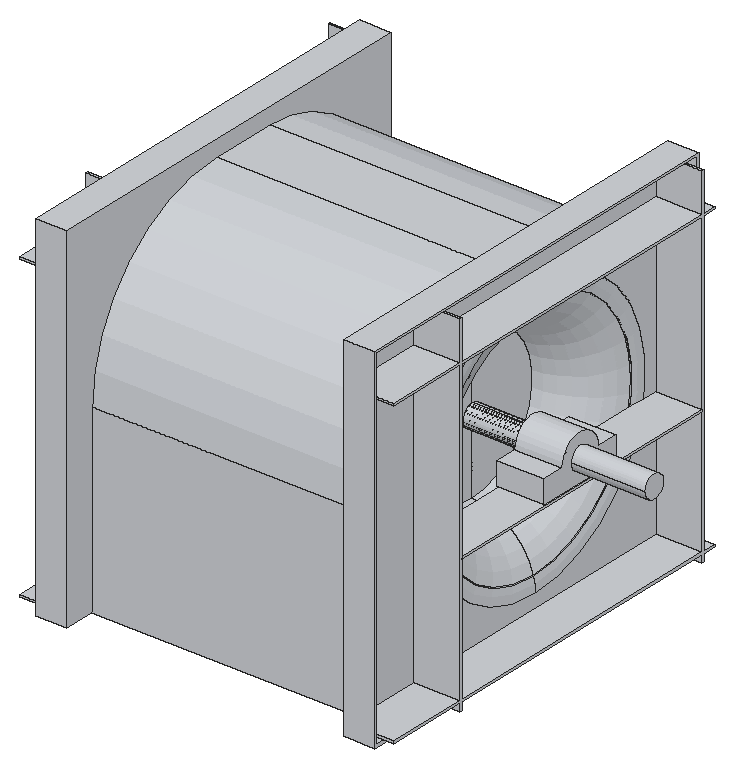
Revit family "CA-4_DWDI_ARR_3_CCW_DBD", category Mechanical Equipment, Revit 2019
Family settings
  Round Connector Dimension = Use Radius
  Part Type = Normal
  Work Plane-Based = No
  Always vertical = Yes
  Cut with Voids When Loaded = No
  Shared = No
  Room Calculation Point = No
Parameters (values of type "120_CA-4_DWDI_ARR_3_CCW_DBD_CLASS_1")
  T/2 = T / 2  # 11/32"
  T = 11/16"
  S = 7 1/2"
  P/2 = P / 2  # 9 31/32"
  P = 19 15/16"
  O = 9 31/32"
  N/2 = N / 2  # 23/32"
  N+A+H = N + A + H  # 15 9/16"
  N*2 = N * 2  # 2 7/8"
  N = 1 7/16"
  ModelID [instance] = ""
  M = 5 3/4"
  L = 28 11/16"
  J-.125" = J - 1/8"  # 1 7/8"
  J*1.5 = J * 1.5  # 3"
  INLET_RAD+1.5" = INLET_RAD + 1 1/2"  # 9 5/8"
  G+N = G + N  # 11 13/16"
  G-(INLET_RAD+1.5") = G - (INLET_RAD + 1 1/2")  # 3/4"
  G+(INLET_RAD+1.5") = G + (INLET_RAD + 1 1/2")  # 20"
  E = 10 3/4"
  Accessories [instance] = ""
  -J*1.5 = -J * 1.5  # -3"
  J = 2"
  Unit Weight [instance] = ""
  INLET_RAD/2 = INLET_RAD / 2  # 4 1/16"
  INLET_RAD = INLET_DIA / 2  # 8 1/8"
  INLET_DIA = 16 1/4"
  H = 2"
  D-E = D - E  # 15 3/16"
  Sones [instance] = ""
  D/8 = D / 8  # 3 31/128"
  D/2 = D / 2  # 12 31/32"
  D = 25 15/16"
  Motor RPM [instance] = ""
  Motor Enclosure [instance] = ""
  LwA [instance] = ""
  Fan RPM [instance] = ""
  G = 10 3/8"
  F/2 = F / 2  # 11 3/8"
  F = 22 3/4"
  B/2 = B / 2  # 8 27/32"
  B+.25" = B + 1/4"  # 17 15/16"
  B = 17 11/16"
  A+.25" = A + 1/4"  # 12 3/8"
  A = 12 1/8"
  3" = 3"  # constant formula
  Brake Hp [instance] = ""
  4" = 4"  # constant formula
  2' = 24"
  2" = 2"  # constant formula
  1" = 1"  # constant formula
  0 = 0"  # constant formula
  Voltage [instance] = 0 V
  URL = "www.lorencook.com"
  Type Comments = "Airfoil Centrifugal Blower Arrangement 3 Counter-Clockwise Down Blast Discharge"  # constant formula
  Static Pressure [instance] = 0.00 in-wg
  Power [instance] = Voltage * Motor FLA * sqrt(if(Phase = 3, 3, 1))  # 0 VA
  Phase [instance] = 0
  Number of Poles [instance] = 1
  Motor Hp [instance] = "0"
  Motor FLA [instance] = 0 A
  Model = "CA-4 DWDI CCW DBD Class 1"
  Manufacturer = "Loren Cook Company"
  CFM [instance] = 0 CFM
  1.5 = 1 1/2"  # constant formula
  ONE EIGTH = 1/8"  # constant formula
  -L+M = -L + M  # -22 15/16"
  -B = -B  # -17 11/16"
  -(B/2)-J = -(B / 2) - J  # -10 27/32"
  -B/2 = -B / 2  # -8 27/32"
  (F/2)-S = (F / 2) - S  # 3 7/8"
  (B/2)+J = (B / 2) + J  # 10 27/32"
Types (55): name | T/2 | T | S | P/2 | P | O | N/2 | N+A+H | N*2 | N | M | L | J-.125" | J*1.5 | INLET_RAD+1.5" | G+N | G-(INLET_RAD+1.5") | G+(INLET_RAD+1.5") | E | -J*1.5 | J | INLET_RAD/2 | INLET_RAD | INLET_DIA | H | D-E | D/8 | D/2 | D | G | F/2 | F | B/2 | B+.25" | B | A+.25" | A | Model | -L+M | -B | -(B/2)-J | -B/2 | (F/2)-S | (B/2)+J
  (no name) | 11/32" | 11/16" | 7 1/2" | 9 31/32" | 19 15/16" | 9 31/32" | 23/32" | 15 9/16" | 2 7/8" | 1 7/16" | 5 3/4" | 28 11/16" | 1 7/8" | 3" | 9 5/8" | 11 13/16" | 3/4" | 20" | 10 3/4" | -3" | 2" | 4 1/16" | 8 1/8" | 16 1/4" | 2" | 15 3/16" | 3 31/128" | 12 31/32" | 25 15/16" | 10 3/8" | 11 3/8" | 22 3/4" | 8 27/32" | 17 15/16" | 17 11/16" | 12 3/8" | 12 1/8" | "CA-4 DWDI CCW DBD Class 1" | -22 15/16" | -17 11/16" | -10 27/32" | -8 27/32" | 3 7/8" | 10 27/32"
  120_CA-4_DWDI_ARR_3_CCW_DBD_CLASS_1 | 11/32" | 11/16" | 7 1/2" | 9 31/32" | 19 15/16" | 9 31/32" | 23/32" | 15 9/16" | 2 7/8" | 1 7/16" | 5 3/4" | 28 11/16" | 1 7/8" | 3" | 9 5/8" | 11 13/16" | 3/4" | 20" | 10 3/4" | -3" | 2" | 4 1/16" | 8 1/8" | 16 1/4" | 2" | 15 3/16" | 3 31/128" | 12 31/32" | 25 15/16" | 10 3/8" | 11 3/8" | 22 3/4" | 8 27/32" | 17 15/16" | 17 11/16" | 12 3/8" | 12 1/8" | "CA-4 DWDI CCW DBD Class 1" | -22 15/16" | -17 11/16" | -10 27/32" | -8 27/32" | 3 7/8" | 10 27/32"
  120_CA-4_DWDI_ARR_3_CCW_DBD_CLASS_2 | 11/32" | 11/16" | 7 1/2" | 9 31/32" | 19 15/16" | 9 31/32" | 27/32" | 15 13/16" | 3 3/8" | 1 11/16" | 6 1/8" | 29 7/16" | 1 7/8" | 3" | 9 5/8" | 12 1/16" | 3/4" | 20" | 10 3/4" | -3" | 2" | 4 1/16" | 8 1/8" | 16 1/4" | 2" | 15 3/16" | 3 31/128" | 12 31/32" | 25 15/16" | 10 3/8" | 11 3/8" | 22 3/4" | 8 27/32" | 17 15/16" | 17 11/16" | 12 3/8" | 12 1/8" | "CA-4 DWDI CCW DBD Class 2" | -23 5/16" | -17 11/16" | -10 27/32" | -8 27/32" | 3 7/8" | 10 27/32"
  120_CA-4_DWDI_ARR_3_CCW_DBD_CLASS_3 | 11/32" | 11/16" | 7 1/2" | 9 31/32" | 19 15/16" | 9 31/32" | 31/32" | 16 1/16" | 3 7/8" | 1 15/16" | 6 3/8" | 29 15/16" | 1 7/8" | 3" | 9 5/8" | 12 5/16" | 3/4" | 20" | 10 3/4" | -3" | 2" | 4 1/16" | 8 1/8" | 16 1/4" | 2" | 15 3/16" | 3 31/128" | 12 31/32" | 25 15/16" | 10 3/8" | 11 3/8" | 22 3/4" | 8 27/32" | 17 15/16" | 17 11/16" | 12 3/8" | 12 1/8" | "CA-4 DWDI CCW DBD Class 3" | -23 9/16" | -17 11/16" | -10 27/32" | -8 27/32" | 3 7/8" | 10 27/32"
  135_CA-4_DWDI_ARR_3_CCW_DBD_CLASS_1 | 11/32" | 11/16" | 8 1/2" | 11 3/32" | 22 3/16" | 11 3/32" | 23/32" | 17 1/16" | 2 7/8" | 1 7/16" | 5 3/4" | 30 15/16" | 1 7/8" | 3" | 10 3/8" | 13 1/16" | 1 1/4" | 22" | 12" | -3" | 2" | 4 7/16" | 8 7/8" | 17 3/4" | 2" | 13 1/2" | 3 3/16" | 12 3/4" | 25 1/2" | 11 5/8" | 12 3/4" | 25 1/2" | 9 31/32" | 20 3/16" | 19 15/16" | 13 7/8" | 13 5/8" | "CA-4 DWDI CCW DBD Class 1" | -25 3/16" | -19 15/16" | -11 31/32" | -9 31/32" | 4 1/4" | 11 31/32"
  135_CA-4_DWDI_ARR_3_CCW_DBD_CLASS_2 | 11/32" | 11/16" | 8 1/2" | 11 3/32" | 22 3/16" | 11 3/32" | 27/32" | 17 5/16" | 3 3/8" | 1 11/16" | 6 1/8" | 31 11/16" | 1 7/8" | 3" | 10 3/8" | 13 5/16" | 1 1/4" | 22" | 12" | -3" | 2" | 4 7/16" | 8 7/8" | 17 3/4" | 2" | 16 13/16" | 3 77/128" | 14 13/32" | 28 13/16" | 11 5/8" | 12 3/4" | 25 1/2" | 9 31/32" | 20 3/16" | 19 15/16" | 13 7/8" | 13 5/8" | "CA-4 DWDI CCW DBD Class 2" | -25 9/16" | -19 15/16" | -11 31/32" | -9 31/32" | 4 1/4" | 11 31/32"
  135_CA-4_DWDI_ARR_3_CCW_DBD_CLASS_3 | 11/32" | 11/16" | 8 1/2" | 11 3/32" | 22 3/16" | 11 3/32" | 1 3/32" | 17 13/16" | 4 3/8" | 2 3/16" | 6 5/8" | 32 11/16" | 1 7/8" | 3" | 10 3/8" | 13 13/16" | 1 1/4" | 22" | 12" | -3" | 2" | 4 7/16" | 8 7/8" | 17 3/4" | 2" | 16 13/16" | 3 77/128" | 14 13/32" | 28 13/16" | 11 5/8" | 12 3/4" | 25 1/2" | 9 31/32" | 20 3/16" | 19 15/16" | 13 7/8" | 13 5/8" | "CA-4 DWDI CCW DBD Class 3" | -26 1/16" | -19 15/16" | -11 31/32" | -9 31/32" | 4 1/4" | 11 31/32"
  150_CA-4_DWDI_ARR_3_CCW_DBD_CLASS_1 | 11/32" | 11/16" | 9" | 12 1/8" | 24 1/4" | 12 1/8" | 27/32" | 18 15/16" | 3 3/8" | 1 11/16" | 6 5/8" | 34 1/4" | 1 7/8" | 3" | 11 1/8" | 14 9/16" | 1 3/4" | 24" | 13 1/4" | -3" | 2" | 4 13/16" | 9 5/8" | 19 1/4" | 2" | 18 7/16" | 3 123/128" | 15 27/32" | 31 11/16" | 12 7/8" | 14 1/16" | 28 1/8" | 11" | 22 1/4" | 22" | 15 1/2" | 15 1/4" | "CA-4 DWDI CCW DBD Class 1" | -27 5/8" | -22" | -13" | -11" | 5 1/16" | 13"
  150_CA-4_DWDI_ARR_3_CCW_DBD_CLASS_2 | 11/32" | 11/16" | 9" | 12 1/8" | 24 1/4" | 12 1/8" | 31/32" | 19 3/16" | 3 7/8" | 1 15/16" | 6 7/8" | 34 3/4" | 1 7/8" | 3" | 11 1/8" | 14 13/16" | 1 3/4" | 24" | 13 1/4" | -3" | 2" | 4 13/16" | 9 5/8" | 19 1/4" | 2" | 18 7/16" | 3 123/128" | 15 27/32" | 31 11/16" | 12 7/8" | 14 1/16" | 28 1/8" | 11" | 22 1/4" | 22" | 15 1/2" | 15 1/4" | "CA-4 DWDI CCW DBD Class 2" | -27 7/8" | -22" | -13" | -11" | 5 1/16" | 13"
  150_CA-4_DWDI_ARR_3_CCW_DBD_CLASS_3 | 11/32" | 11/16" | 9" | 12 1/8" | 24 1/4" | 12 1/8" | 1 7/32" | 19 11/16" | 4 7/8" | 2 7/16" | 7 1/4" | 35 1/2" | 1 7/8" | 3" | 11 1/8" | 15 5/16" | 1 3/4" | 24" | 13 1/4" | -3" | 2" | 4 13/16" | 9 5/8" | 19 1/4" | 2" | 18 7/16" | 3 123/128" | 15 27/32" | 31 11/16" | 12 7/8" | 14 1/16" | 28 1/8" | 11" | 22 1/4" | 22" | 15 1/2" | 15 1/4" | "CA-4 DWDI CCW DBD Class 3" | -28 1/4" | -22" | -13" | -11" | 5 1/16" | 13"
  165_CA-4_DWDI_ARR_3_CCW_DBD_CLASS_1 | 11/32" | 11/16" | 10" | 13 1/8" | 26 1/4" | 13 1/8" | 27/32" | 20 5/8" | 3 3/8" | 1 11/16" | 6 5/8" | 36 1/4" | 1 7/8" | 3" | 12 1/8" | 15 15/16" | 2 1/8" | 26 3/8" | 14 3/8" | -3" | 2" | 5 5/16" | 10 5/8" | 21 1/4" | 2" | 20 1/16" | 4 39/128" | 17 7/32" | 34 7/16" | 14 1/4" | 15 7/16" | 30 7/8" | 12" | 24 1/4" | 24" | 17 3/16" | 16 15/16" | "CA-4 DWDI CCW DBD Class 1" | -29 5/8" | -24" | -14" | -12" | 5 7/16" | 14"
  165_CA-4_DWDI_ARR_3_CCW_DBD_CLASS_2 | 11/32" | 11/16" | 10" | 13 1/8" | 26 1/4" | 13 1/8" | 31/32" | 20 7/8" | 3 7/8" | 1 15/16" | 6 7/8" | 36 3/4" | 1 7/8" | 3" | 12 1/8" | 16 3/16" | 2 1/8" | 26 3/8" | 14 3/8" | -3" | 2" | 5 5/16" | 10 5/8" | 21 1/4" | 2" | 20 1/16" | 4 39/128" | 17 7/32" | 34 7/16" | 14 1/4" | 15 7/16" | 30 7/8" | 12" | 24 1/4" | 24" | 17 3/16" | 16 15/16" | "CA-4 DWDI CCW DBD Class 2" | -29 7/8" | -24" | -14" | -12" | 5 7/16" | 14"
  165_CA-4_DWDI_ARR_3_CCW_DBD_CLASS_3 | 11/32" | 11/16" | 10" | 13 1/8" | 26 1/4" | 13 1/8" | 1 7/32" | 21 3/8" | 4 7/8" | 2 7/16" | 7 3/16" | 37 1/2" | 1 7/8" | 3" | 12 1/8" | 16 11/16" | 2 1/8" | 26 3/8" | 14 3/8" | -3" | 2" | 5 5/16" | 10 5/8" | 21 1/4" | 2" | 20 1/16" | 4 39/128" | 17 7/32" | 34 7/16" | 14 1/4" | 15 7/16" | 30 7/8" | 12" | 24 1/4" | 24" | 17 3/16" | 16 15/16" | "CA-4 DWDI CCW DBD Class 3" | -30 5/16" | -24" | -14" | -12" | 5 7/16" | 14"
  180_CA-4_DWDI_ARR_3_CCW_DBD_CLASS_1 | 11/32" | 11/16" | 11" | 14 5/32" | 28 5/16" | 14 5/32" | 27/32" | 22 3/16" | 3 3/8" | 1 11/16" | 7 1/8" | 38 13/16" | 1 7/8" | 3" | 12 7/8" | 17 3/16" | 2 5/8" | 28 3/8" | 15 5/8" | -3" | 2" | 5 11/16" | 11 3/8" | 22 3/4" | 2" | 21 11/16" | 4 85/128" | 18 21/32" | 37 5/16" | 15 1/2" | 16 13/16" | 33 5/8" | 13 1/32" | 26 5/16" | 26 1/16" | 18 3/4" | 18 1/2" | "CA-4 DWDI CCW DBD Class 1" | -31 11/16" | -26 1/16" | -15 1/32" | -13 1/32" | 5 13/16" | 15 1/32"
  180_CA-4_DWDI_ARR_3_CCW_DBD_CLASS_2 | 11/32" | 11/16" | 11" | 14 5/32" | 28 5/16" | 14 5/32" | 31/32" | 22 7/16" | 3 7/8" | 1 15/16" | 7 3/8" | 39 5/16" | 1 7/8" | 3" | 12 7/8" | 17 7/16" | 2 5/8" | 28 3/8" | 15 5/8" | -3" | 2" | 5 11/16" | 11 3/8" | 22 3/4" | 2" | 21 11/16" | 4 85/128" | 18 21/32" | 37 5/16" | 15 1/2" | 16 13/16" | 33 5/8" | 13 1/32" | 26 5/16" | 26 1/16" | 18 3/4" | 18 1/2" | "CA-4 DWDI CCW DBD Class 2" | -31 15/16" | -26 1/16" | -15 1/32" | -13 1/32" | 5 13/16" | 15 1/32"
  180_CA-4_DWDI_ARR_3_CCW_DBD_CLASS_3 | 11/32" | 11/16" | 11" | 14 5/32" | 28 5/16" | 14 5/32" | 1 7/32" | 22 15/16" | 4 7/8" | 2 7/16" | 7 3/4" | 40 1/16" | 1 7/8" | 3" | 12 7/8" | 17 15/16" | 2 5/8" | 28 3/8" | 15 5/8" | -3" | 2" | 5 11/16" | 11 3/8" | 22 3/4" | 2" | 21 11/16" | 4 85/128" | 18 21/32" | 37 5/16" | 15 1/2" | 16 13/16" | 33 5/8" | 13 1/32" | 26 5/16" | 26 1/16" | 18 3/4" | 18 1/2" | "CA-4 DWDI CCW DBD Class 3" | -32 5/16" | -26 1/16" | -15 1/32" | -13 1/32" | 5 13/16" | 15 1/32"
  195_CA-4_DWDI_ARR_3_CCW_DBD_CLASS_1 | 11/32" | 11/16" | 11 1/2" | 15 11/32" | 30 11/16" | 15 11/32" | 31/32" | 23 7/16" | 3 7/8" | 1 15/16" | 7 1/4" | 41 11/16" | 1 7/8" | 3" | 13 5/8" | 18 11/16" | 3 1/8" | 30 3/8" | 16 3/4" | -3" | 2" | 6 1/16" | 12 1/8" | 24 1/4" | 2" | 23 5/16" | 5 1/128" | 20 1/32" | 40 1/16" | 16 3/4" | 18 1/8" | 36 1/4" | 14 7/32" | 28 11/16" | 28 7/16" | 19 3/4" | 19 1/2" | "CA-4 DWDI CCW DBD Class 1" | -34 7/16" | -28 7/16" | -16 7/32" | -14 7/32" | 6 5/8" | 16 7/32"
  195_CA-4_DWDI_ARR_3_CCW_DBD_CLASS_2 | 11/32" | 11/16" | 11 1/2" | 15 11/32" | 30 11/16" | 15 11/32" | 1 3/32" | 23 11/16" | 4 3/8" | 2 3/16" | 7 5/8" | 42 3/16" | 1 7/8" | 3" | 13 5/8" | 18 15/16" | 3 1/8" | 30 3/8" | 16 3/4" | -3" | 2" | 6 1/16" | 12 1/8" | 24 1/4" | 2" | 23 5/16" | 5 1/128" | 20 1/32" | 40 1/16" | 16 3/4" | 18 1/8" | 36 1/4" | 14 7/32" | 28 11/16" | 28 7/16" | 19 3/4" | 19 1/2" | "CA-4 DWDI CCW DBD Class 2" | -34 9/16" | -28 7/16" | -16 7/32" | -14 7/32" | 6 5/8" | 16 7/32"
  195_CA-4_DWDI_ARR_3_CCW_DBD_CLASS_3 | 11/32" | 11/16" | 11 1/2" | 15 11/32" | 30 11/16" | 15 11/32" | 1 11/32" | 24 3/16" | 5 3/8" | 2 11/16" | 8" | 42 15/16" | 1 7/8" | 3" | 13 5/8" | 19 7/16" | 3 1/8" | 30 3/8" | 16 3/4" | -3" | 2" | 6 1/16" | 12 1/8" | 24 1/4" | 2" | 23 5/16" | 5 1/128" | 20 1/32" | 40 1/16" | 16 3/4" | 18 1/8" | 36 1/4" | 14 7/32" | 28 11/16" | 28 7/16" | 19 3/4" | 19 1/2" | "CA-4 DWDI CCW DBD Class 3" | -34 15/16" | -28 7/16" | -16 7/32" | -14 7/32" | 6 5/8" | 16 7/32"
  210_CA-4_DWDI_ARR_3_CCW_DBD_CLASS_1 | 15/32" | 15/16" | 12" | 16 5/16" | 32 5/8" | 6 5/16" | 31/32" | 25 9/16" | 3 7/8" | 1 15/16" | 7 7/8" | 44 1/8" | 1 7/8" | 3" | 14 1/2" | 20 1/16" | 3 5/8" | 32 5/8" | 18" | -3" | 2" | 6 1/2" | 13" | 26" | 2" | 24 15/16" | 5 47/128" | 21 15/32" | 42 15/16" | 18 1/8" | 19 9/16" | 39 1/8" | 15 3/16" | 30 5/8" | 30 3/8" | 21 7/8" | 21 5/8" | "CA-4 DWDI CCW DBD Class 1" | -36 1/4" | -30 3/8" | -17 3/16" | -15 3/16" | 7 9/16" | 17 3/16"
  210_CA-4_DWDI_ARR_3_CCW_DBD_CLASS_2 | 15/32" | 15/16" | 12" | 16 5/16" | 32 5/8" | 6 5/16" | 1 3/32" | 25 13/16" | 4 3/8" | 2 3/16" | 8 1/8" | 44 5/8" | 1 7/8" | 3" | 14 1/2" | 20 5/16" | 3 5/8" | 32 5/8" | 18" | -3" | 2" | 6 1/2" | 13" | 26" | 2" | 24 15/16" | 5 47/128" | 21 15/32" | 42 15/16" | 18 1/8" | 19 9/16" | 39 1/8" | 15 3/16" | 30 5/8" | 30 3/8" | 21 7/8" | 21 5/8" | "CA-4 DWDI CCW DBD Class 2" | -36 1/2" | -30 3/8" | -17 3/16" | -15 3/16" | 7 9/16" | 17 3/16"
  210_CA-4_DWDI_ARR_3_CCW_DBD_CLASS_3 | 15/32" | 15/16" | 12" | 16 5/16" | 32 5/8" | 6 5/16" | 1 11/32" | 26 5/16" | 5 3/8" | 2 11/16" | 8 1/2" | 45 3/8" | 1 7/8" | 3" | 14 1/2" | 20 13/16" | 3 5/8" | 32 5/8" | 18" | -3" | 2" | 6 1/2" | 13" | 26" | 2" | 24 15/16" | 5 47/128" | 21 15/32" | 42 15/16" | 18 1/8" | 19 9/16" | 39 1/8" | 15 3/16" | 30 5/8" | 30 3/8" | 21 7/8" | 21 5/8" | "CA-4 DWDI CCW DBD Class 3" | -36 7/8" | -30 3/8" | -17 3/16" | -15 3/16" | 7 9/16" | 17 3/16"
  225_CA-4_DWDI_ARR_3_CCW_DBD_CLASS_1 | 15/32" | 15/16" | 12 1/2" | 17 3/8" | 34 3/4" | 17 3/8" | 31/32" | 27 1/8" | 3 7/8" | 1 15/16" | 7 7/8" | 46 1/4" | 1 7/8" | 3" | 15 1/4" | 21 5/16" | 4 1/8" | 34 5/8" | 19 1/4" | -3" | 2" | 6 7/8" | 13 3/4" | 27 1/2" | 2" | 26 9/16" | 5 93/128" | 22 29/32" | 45 13/16" | 19 3/8" | 20 7/8" | 41 3/4" | 16 1/4" | 32 3/4" | 32 1/2" | 23 7/16" | 23 3/16" | "CA-4 DWDI CCW DBD Class 1" | -38 3/8" | -32 1/2" | -18 1/4" | -16 1/4" | 8 3/8" | 18 1/4"
  225_CA-4_DWDI_ARR_3_CCW_DBD_CLASS_2 | 15/32" | 15/16" | 12 1/2" | 17 3/8" | 34 3/4" | 17 3/8" | 1 7/32" | 27 5/8" | 4 7/8" | 2 7/16" | 8 1/4" | 47" | 1 7/8" | 3" | 15 1/4" | 21 13/16" | 4 1/8" | 34 5/8" | 19 1/4" | -3" | 2" | 6 7/8" | 13 3/4" | 27 1/2" | 2" | 26 9/16" | 5 93/128" | 22 29/32" | 45 13/16" | 19 3/8" | 20 7/8" | 41 3/4" | 16 1/4" | 32 3/4" | 32 1/2" | 23 7/16" | 23 3/16" | "CA-4 DWDI CCW DBD Class 2" | -38 3/4" | -32 1/2" | -18 1/4" | -16 1/4" | 8 3/8" | 18 1/4"
  225_CA-4_DWDI_ARR_3_CCW_DBD_CLASS_3 | 15/32" | 15/16" | 12 1/2" | 17 3/8" | 34 3/4" | 17 3/8" | 1 15/32" | 28 1/8" | 5 7/8" | 2 15/16" | 8 1/2" | 47 1/2" | 1 7/8" | 3" | 15 1/4" | 22 5/16" | 4 1/8" | 34 5/8" | 19 1/4" | -3" | 2" | 6 7/8" | 13 3/4" | 27 1/2" | 2" | 26 9/16" | 5 93/128" | 22 29/32" | 45 13/16" | 19 3/8" | 20 7/8" | 41 3/4" | 16 1/4" | 32 3/4" | 32 1/2" | 23 7/16" | 23 3/16" | "CA-4 DWDI CCW DBD Class 3" | -39" | -32 1/2" | -18 1/4" | -16 1/4" | 8 3/8" | 18 1/4"
  245_CA-4_DWDI_ARR_3_CCW_DBD_CLASS_1 | 15/32" | 15/16" | 12 1/2" | 18 21/32" | 37 5/16" | 18 21/32" | 1 3/32" | 29 11/16" | 4 3/8" | 2 3/16" | 8 5/8" | 49 13/16" | 1 7/8" | 3" | 16 1/4" | 23 5/16" | 4 7/8" | 37 3/8" | 20 7/8" | -3" | 2" | 7 3/8" | 14 3/4" | 29 1/2" | 2" | 28 3/4" | 6 13/64" | 24 13/16" | 49 5/8" | 21 1/8" | 22 11/16" | 45 3/8" | 17 17/32" | 35 5/16" | 35 1/16" | 25 3/4" | 25 1/2" | "CA-4 DWDI CCW DBD Class 1" | -41 3/16" | -35 1/16" | -19 17/32" | -17 17/32" | 10 3/16" | 19 17/32"
  245_CA-4_DWDI_ARR_3_CCW_DBD_CLASS_2 | 15/32" | 15/16" | 12 1/2" | 18 21/32" | 37 5/16" | 18 21/32" | 1 7/32" | 29 15/16" | 4 7/8" | 2 7/16" | 8 3/4" | 50 1/16" | 1 7/8" | 3" | 16 1/4" | 23 9/16" | 4 7/8" | 37 3/8" | 20 7/8" | -3" | 2" | 7 3/8" | 14 3/4" | 29 1/2" | 2" | 28 3/4" | 6 13/64" | 24 13/16" | 49 5/8" | 21 1/8" | 22 11/16" | 45 3/8" | 17 17/32" | 35 5/16" | 35 1/16" | 25 3/4" | 25 1/2" | "CA-4 DWDI CCW DBD Class 2" | -41 5/16" | -35 1/16" | -19 17/32" | -17 17/32" | 10 3/16" | 19 17/32"
  245_CA-4_DWDI_ARR_3_CCW_DBD_CLASS_3 | 15/32" | 15/16" | 12 1/2" | 18 21/32" | 37 5/16" | 18 21/32" | 1 3/32" | 29 11/16" | 4 3/8" | 2 3/16" | 8 3/4" | 50 11/16" | 1 7/8" | 3" | 16 1/4" | 23 5/16" | 4 7/8" | 37 3/8" | 20 7/8" | -3" | 2" | 7 3/8" | 14 3/4" | 29 1/2" | 2" | 28 3/4" | 6 13/64" | 24 13/16" | 49 5/8" | 21 1/8" | 22 11/16" | 45 3/8" | 17 17/32" | 35 5/16" | 35 1/16" | 25 3/4" | 25 1/2" | "CA-4 DWDI CCW DBD Class 3" | -41 15/16" | -35 1/16" | -19 17/32" | -17 17/32" | 10 3/16" | 19 17/32"
  270_CA-4_DWDI_ARR_3_CCW_DBD_CLASS_1 | 15/32" | 15/16" | 15" | 20 27/32" | 41 11/16" | 20 27/32" | 1 3/32" | 31 11/16" | 4 3/8" | 2 3/16" | 8 5/8" | 54 3/16" | 1 7/8" | 3" | 17 1/2" | 25 7/16" | 5 3/4" | 40 3/4" | 23 3/8" | -3" | 2" | 8" | 16" | 32" | 2" | 31 1/2" | 6 55/64" | 27 7/16" | 54 7/8" | 23 1/4" | 24 15/16" | 49 7/8" | 19 23/32" | 39 11/16" | 39 7/16" | 27 3/4" | 27 1/2" | "CA-4 DWDI CCW DBD Class 1" | -45 9/16" | -39 7/16" | -21 23/32" | -19 23/32" | 9 15/16" | 21 23/32"
  270_CA-4_DWDI_ARR_3_CCW_DBD_CLASS_2 | 15/32" | 15/16" | 15" | 20 27/32" | 41 11/16" | 20 27/32" | 1 11/32" | 32 3/16" | 5 3/8" | 2 11/16" | 9" | 54 15/16" | 1 7/8" | 3" | 17 1/2" | 25 15/16" | 5 3/4" | 40 3/4" | 23 3/8" | -3" | 2" | 8" | 16" | 32" | 2" | 31 1/2" | 6 55/64" | 27 7/16" | 54 7/8" | 23 1/4" | 24 15/16" | 49 7/8" | 19 23/32" | 39 11/16" | 39 7/16" | 27 3/4" | 27 1/2" | "CA-4 DWDI CCW DBD Class 2" | -45 15/16" | -39 7/16" | -21 23/32" | -19 23/32" | 9 15/16" | 21 23/32"
  270_CA-4_DWDI_ARR_3_CCW_DBD_CLASS_3 | 15/32" | 15/16" | 15" | 20 27/32" | 41 11/16" | 20 27/32" | 1 3/32" | 31 11/16" | 4 3/8" | 2 3/16" | 8 3/4" | 55 1/16" | 1 7/8" | 3" | 17 1/2" | 25 7/16" | 5 3/4" | 40 3/4" | 23 3/8" | -3" | 2" | 8" | 16" | 32" | 2" | 31 1/2" | 6 55/64" | 27 7/16" | 54 7/8" | 23 1/4" | 24 15/16" | 49 7/8" | 19 23/32" | 39 11/16" | 39 7/16" | 27 3/4" | 27 1/2" | "CA-4 DWDI CCW DBD Class 3" | -46 5/16" | -39 7/16" | -21 23/32" | -19 23/32" | 9 15/16" | 21 23/32"
  300_CA-4_DWDI_ARR_3_CCW_DBD_CLASS_1 | 15/32" | 15/16" | 16 1/2" | 22 5/8" | 45 1/4" | 22 5/8" | 1 7/32" | 35 5/8" | 4 7/8" | 2 7/16" | 9 1/4" | 58 1/2" | 1 7/8" | 3" | 19" | 28 5/16" | 6 7/8" | 44 7/8" | 25 3/8" | -3" | 2" | 8 3/4" | 17 1/2" | 35" | 2" | 34 3/4" | 7 33/64" | 30 1/16" | 60 1/8" | 25 7/8" | 27 11/16" | 55 3/8" | 21 1/2" | 43 1/4" | 43" | 31 7/16" | 31 3/16" | "CA-4 DWDI CCW DBD Class 1" | -49 1/4" | -43" | -23 1/2" | -21 1/2" | 11 3/16" | 23 1/2"
  300_CA-4_DWDI_ARR_3_CCW_DBD_CLASS_2 | 15/32" | 15/16" | 16 1/2" | 22 5/8" | 45 1/4" | 22 5/8" | 1 11/32" | 35 7/8" | 5 3/8" | 2 11/16" | 9 1/2" | 59" | 1 7/8" | 3" | 19" | 28 9/16" | 6 7/8" | 44 7/8" | 25 3/8" | -3" | 2" | 8 3/4" | 17 1/2" | 35" | 2" | 34 3/4" | 7 33/64" | 30 1/16" | 60 1/8" | 25 7/8" | 27 11/16" | 55 3/8" | 21 1/2" | 43 1/4" | 43" | 31 7/16" | 31 3/16" | "CA-4 DWDI CCW DBD Class 2" | -49 1/2" | -43" | -23 1/2" | -21 1/2" | 11 3/16" | 23 1/2"
  300_CA-4_DWDI_ARR_3_CCW_DBD_CLASS_3 | 15/32" | 15/16" | 16 1/2" | 22 5/8" | 45 1/4" | 22 5/8" | 1 7/32" | 35 5/8" | 4 7/8" | 2 7/16" | 9 1/2" | 59 3/8" | 1 7/8" | 3" | 19" | 28 5/16" | 6 7/8" | 44 7/8" | 25 3/8" | -3" | 2" | 8 3/4" | 17 1/2" | 35" | 2" | 34 3/4" | 7 33/64" | 30 1/16" | 60 1/8" | 25 7/8" | 27 11/16" | 55 3/8" | 21 1/2" | 43 1/4" | 43" | 31 7/16" | 31 3/16" | "CA-4 DWDI CCW DBD Class 3" | -49 7/8" | -43" | -23 1/2" | -21 1/2" | 11 3/16" | 23 1/2"
  330_CA-4_DWDI_ARR_3_CCW_DBD_CLASS_1 | 15/32" | 15/16" | 18" | 24 21/32" | 49 5/16" | 24 21/32" | 1 11/32" | 39 3/16" | 5 3/8" | 2 11/16" | 10 1/16" | 63 9/16" | 1 7/8" | 3" | 20 1/2" | 31 1/16" | 7 7/8" | 48 7/8" | 27 7/8" | -3" | 2" | 9 1/2" | 19" | 38" | 2" | 38 1/16" | 8 31/128" | 32 31/32" | 65 15/16" | 28 3/8" | 30 3/8" | 60 3/4" | 23 17/32" | 47 5/16" | 47 1/16" | 34 3/4" | 34 1/2" | "CA-4 DWDI CCW DBD Class 1" | -53 1/2" | -47 1/16" | -25 17/32" | -23 17/32" | 12 3/8" | 25 17/32"
  330_CA-4_DWDI_ARR_3_CCW_DBD_CLASS_2 | 15/32" | 15/16" | 18" | 24 21/32" | 49 5/16" | 24 21/32" | 1 3/32" | 38 11/16" | 4 3/8" | 2 3/16" | 9 5/8" | 63 11/16" | 1 7/8" | 3" | 20 1/2" | 30 9/16" | 7 7/8" | 48 7/8" | 27 7/8" | -3" | 2" | 9 1/2" | 19" | 38" | 2" | 38 1/16" | 8 31/128" | 32 31/32" | 65 15/16" | 28 3/8" | 30 3/8" | 60 3/4" | 23 17/32" | 47 5/16" | 47 1/16" | 34 3/4" | 34 1/2" | "CA-4 DWDI CCW DBD Class 2" | -54 1/16" | -47 1/16" | -25 17/32" | -23 17/32" | 12 3/8" | 25 17/32"
  330_CA-4_DWDI_ARR_3_CCW_DBD_CLASS_3 | 15/32" | 15/16" | 18" | 24 21/32" | 49 5/16" | 24 21/32" | 1 7/32" | 38 15/16" | 4 7/8" | 2 7/16" | 10" | 63 15/16" | 1 7/8" | 3" | 20 1/2" | 30 13/16" | 7 7/8" | 48 7/8" | 27 7/8" | -3" | 2" | 9 1/2" | 19" | 38" | 2" | 38 1/16" | 8 31/128" | 32 31/32" | 65 15/16" | 28 3/8" | 30 3/8" | 60 3/4" | 23 17/32" | 47 5/16" | 47 1/16" | 34 3/4" | 34 1/2" | "CA-4 DWDI CCW DBD Class 3" | -53 15/16" | -47 1/16" | -25 17/32" | -23 17/32" | 12 3/8" | 25 17/32"
  365_CA-4_DWDI_ARR_3_CCW_DBD_CLASS_1 | 15/32" | 15/16" | 20" | 27 7/32" | 54 7/16" | 27 7/32" | 1 3/32" | 42 7/8" | 4 3/8" | 2 3/16" | 10 5/16" | 69 5/16" | 1 7/8" | 3" | 22 1/4" | 33 9/16" | 9 1/8" | 53 5/8" | 30 5/8" | -3" | 2" | 10 3/8" | 20 3/4" | 41 1/2" | 2" | 41 7/8" | 9 1/16" | 36 1/4" | 72 1/2" | 31 3/8" | 33 1/2" | 67" | 26 3/32" | 52 7/16" | 52 3/16" | 38 15/16" | 38 11/16" | "CA-4 DWDI CCW DBD Class 1" | -59" | -52 3/16" | -28 3/32" | -26 3/32" | 13 1/2" | 28 3/32"
  365_CA-4_DWDI_ARR_3_CCW_DBD_CLASS_2 | 15/32" | 15/16" | 20" | 27 7/32" | 54 7/16" | 27 7/32" | 1 7/32" | 43 1/8" | 4 7/8" | 2 7/16" | 10 1/2" | 69 9/16" | 1 7/8" | 3" | 22 1/4" | 33 13/16" | 9 1/8" | 53 5/8" | 30 5/8" | -3" | 2" | 10 3/8" | 20 3/4" | 41 1/2" | 2" | 41 7/8" | 9 1/16" | 36 1/4" | 72 1/2" | 31 3/8" | 33 1/2" | 67" | 26 3/32" | 52 7/16" | 52 3/16" | 38 15/16" | 38 11/16" | "CA-4 DWDI CCW DBD Class 2" | -59 1/16" | -52 3/16" | -28 3/32" | -26 3/32" | 13 1/2" | 28 3/32"
  365_CA-4_DWDI_ARR_3_CCW_DBD_CLASS_3 | 15/32" | 15/16" | 20" | 27 7/32" | 54 7/16" | 27 7/32" | 1 11/32" | 43 3/8" | 5 3/8" | 2 11/16" | 10 1/2" | 70 1/16" | 1 7/8" | 3" | 22 1/4" | 34 1/16" | 9 1/8" | 53 5/8" | 30 5/8" | -3" | 2" | 10 3/8" | 20 3/4" | 41 1/2" | 2" | 41 7/8" | 9 1/16" | 36 1/4" | 72 1/2" | 31 3/8" | 33 1/2" | 67" | 26 3/32" | 52 7/16" | 52 3/16" | 38 15/16" | 38 11/16" | "CA-4 DWDI CCW DBD Class 3" | -59 9/16" | -52 3/16" | -28 3/32" | -26 3/32" | 13 1/2" | 28 3/32"
  402_CA-4_DWDI_ARR_3_CCW_DBD_CLASS_1 | 17/32" | 1 1/16" | 22" | 30 21/32" | 61 5/16" | 30 21/32" | 1 7/32" | 47 3/16" | 4 7/8" | 2 7/16" | 10" | 75 11/16" | 2 7/8" | 4 1/2" | 24 1/8" | 37 1/16" | 10 1/2" | 58 3/4" | 33 5/8" | -4 1/2" | 3" | 11 5/16" | 22 5/8" | 45 1/4" | 3" | 46 15/16" | 10 9/128" | 40 9/32" | 80 9/16" | 34 5/8" | 36 15/16" | 73 7/8" | 28 29/32" | 58 1/16" | 57 13/16" | 42" | 41 3/4" | "CA-4 DWDI CCW DBD Class 1" | -65 11/16" | -57 13/16" | -31 29/32" | -28 29/32" | 14 15/16" | 31 29/32"
  402_CA-4_DWDI_ARR_3_CCW_DBD_CLASS_2 | 17/32" | 1 1/16" | 22" | 30 21/32" | 61 5/16" | 30 21/32" | 1 7/32" | 47 3/16" | 4 7/8" | 2 7/16" | 10" | 75 11/16" | 2 7/8" | 4 1/2" | 24 1/8" | 37 1/16" | 10 1/2" | 58 3/4" | 33 5/8" | -4 1/2" | 3" | 11 5/16" | 22 5/8" | 45 1/4" | 3" | 46 15/16" | 10 9/128" | 40 9/32" | 80 9/16" | 34 5/8" | 36 15/16" | 73 7/8" | 28 29/32" | 58 1/16" | 57 13/16" | 42" | 41 3/4" | "CA-4 DWDI CCW DBD Class 2" | -65 11/16" | -57 13/16" | -31 29/32" | -28 29/32" | 14 15/16" | 31 29/32"
  402_CA-4_DWDI_ARR_3_CCW_DBD_CLASS_3 | 17/32" | 1 1/16" | 22" | 30 21/32" | 61 5/16" | 30 21/32" | 1 11/32" | 47 7/16" | 5 3/8" | 2 11/16" | 10 1/2" | 76 3/16" | 2 7/8" | 4 1/2" | 24 1/8" | 37 5/16" | 10 1/2" | 58 3/4" | 33 5/8" | -4 1/2" | 3" | 11 5/16" | 22 5/8" | 45 1/4" | 3" | 46 15/16" | 10 9/128" | 40 9/32" | 80 9/16" | 34 5/8" | 36 15/16" | 73 7/8" | 28 29/32" | 58 1/16" | 57 13/16" | 42" | 41 3/4" | "CA-4 DWDI CCW DBD Class 3" | -65 11/16" | -57 13/16" | -31 29/32" | -28 29/32" | 14 15/16" | 31 29/32"
  445_CA-4_DWDI_ARR_3_CCW_DBD_CLASS_1 | 17/32" | 1 1/16" | 24" | 33 7/8" | 67 3/4" | 33 7/8" | 1 7/32" | 51 3/8" | 4 7/8" | 2 7/16" | 10 5/8" | 82 5/8" | 2 7/8" | 4 1/2" | 26 1/4" | 40 11/16" | 12" | 64 1/2" | 37 1/8" | -4 1/2" | 3" | 12 3/8" | 24 3/4" | 49 1/2" | 3" | 51 9/16" | 11 11/128" | 44 11/32" | 88 11/16" | 38 1/4" | 40 3/4" | 81 1/2" | 32 1/8" | 64 1/2" | 64 1/4" | 46 3/16" | 45 15/16" | "CA-4 DWDI CCW DBD Class 1" | -72" | -64 1/4" | -35 1/8" | -32 1/8" | 16 3/4" | 35 1/8"
  445_CA-4_DWDI_ARR_3_CCW_DBD_CLASS_2 | 17/32" | 1 1/16" | 24" | 33 7/8" | 67 3/4" | 33 7/8" | 1 11/32" | 51 5/8" | 5 3/8" | 2 11/16" | 11" | 83 1/2" | 2 7/8" | 4 1/2" | 26 1/4" | 40 15/16" | 12" | 64 1/2" | 37 1/8" | -4 1/2" | 3" | 12 3/8" | 24 3/4" | 49 1/2" | 3" | 51 9/16" | 11 11/128" | 44 11/32" | 88 11/16" | 38 1/4" | 40 3/4" | 81 1/2" | 32 1/8" | 64 1/2" | 64 1/4" | 46 3/16" | 45 15/16" | "CA-4 DWDI CCW DBD Class 2" | -72 1/2" | -64 1/4" | -35 1/8" | -32 1/8" | 16 3/4" | 35 1/8"
  445_CA-4_DWDI_ARR_3_CCW_DBD_CLASS_3 | 17/32" | 1 1/16" | 24" | 33 7/8" | 67 3/4" | 33 7/8" | 1 15/32" | 51 7/8" | 5 7/8" | 2 15/16" | 11" | 83 1/2" | 2 7/8" | 4 1/2" | 26 1/4" | 41 3/16" | 12" | 64 1/2" | 37 1/8" | -4 1/2" | 3" | 12 3/8" | 24 3/4" | 49 1/2" | 3" | 51 9/16" | 11 11/128" | 44 11/32" | 88 11/16" | 38 1/4" | 40 3/4" | 81 1/2" | 32 1/8" | 64 1/2" | 64 1/4" | 46 3/16" | 45 15/16" | "CA-4 DWDI CCW DBD Class 3" | -72 1/2" | -64 1/4" | -35 1/8" | -32 1/8" | 16 3/4" | 35 1/8"
  490_CA-4_DWDI_ARR_3_CCW_DBD_CLASS_1 | 17/32" | 1 1/16" | 26 1/2" | 36 13/16" | 73 5/8" | 36 13/16" | 1 15/32" | 56 15/16" | 5 7/8" | 2 15/16" | 11 1/2" | 89 1/2" | 2 7/8" | 4 1/2" | 29" | 45 3/16" | 13 1/4" | 71 1/4" | 40 3/4" | -4 1/2" | 3" | 13 3/4" | 27 1/2" | 55" | 3" | 56 7/16" | 12 19/128" | 48 19/32" | 97 3/16" | 42 1/4" | 44 7/8" | 89 3/4" | 35 1/16" | 70 3/8" | 70 1/8" | 51 1/4" | 51" | "CA-4 DWDI CCW DBD Class 1" | -78" | -70 1/8" | -38 1/16" | -35 1/16" | 18 3/8" | 38 1/16"
  490_CA-4_DWDI_ARR_3_CCW_DBD_CLASS_2 | 17/32" | 1 1/16" | 26 1/2" | 36 13/16" | 73 5/8" | 36 13/16" | 1 23/32" | 57 7/16" | 6 7/8" | 3 7/16" | 12" | 90 3/8" | 2 7/8" | 4 1/2" | 29" | 45 11/16" | 13 1/4" | 71 1/4" | 40 3/4" | -4 1/2" | 3" | 13 3/4" | 27 1/2" | 55" | 3" | 56 7/16" | 12 19/128" | 48 19/32" | 97 3/16" | 42 1/4" | 44 7/8" | 89 3/4" | 35 1/16" | 70 3/8" | 70 1/8" | 51 1/4" | 51" | "CA-4 DWDI CCW DBD Class 2" | -78 3/8" | -70 1/8" | -38 1/16" | -35 1/16" | 18 3/8" | 38 1/16"
  490_CA-4_DWDI_ARR_3_CCW_DBD_CLASS_3 | 17/32" | 1 1/16" | 26 1/2" | 36 13/16" | 73 5/8" | 36 13/16" | 1 23/32" | 57 7/16" | 6 7/8" | 3 7/16" | 12" | 90 5/8" | 2 7/8" | 4 1/2" | 29" | 45 11/16" | 13 1/4" | 71 1/4" | 40 3/4" | -4 1/2" | 3" | 13 3/4" | 27 1/2" | 55" | 3" | 56 7/16" | 12 19/128" | 48 19/32" | 97 3/16" | 42 1/4" | 44 7/8" | 89 3/4" | 35 1/16" | 70 3/8" | 70 1/8" | 51 1/4" | 51" | "CA-4 DWDI CCW DBD Class 3" | -78 5/8" | -70 1/8" | -38 1/16" | -35 1/16" | 18 3/8" | 38 1/16"
  540_CA-4_DWDI_ARR_3_CCW_DBD_CLASS_1 | 17/32" | 1 1/16" | 29" | 40 23/32" | 81 7/16" | 40 23/32" | 1 23/32" | 62 3/16" | 6 7/8" | 3 7/16" | 12 7/16" | 98 5/16" | 2 7/8" | 4 1/2" | 31 1/2" | 49 15/16" | 15" | 78" | 44 7/8" | -4 1/2" | 3" | 15" | 30" | 60" | 3" | 61 7/8" | 13 11/32" | 53 3/8" | 106 3/4" | 46 1/2" | 49 3/8" | 98 3/4" | 38 31/32" | 78 3/16" | 77 15/16" | 56" | 55 3/4" | "CA-4 DWDI CCW DBD Class 1" | -85 7/8" | -77 15/16" | -41 31/32" | -38 31/32" | 20 3/8" | 41 31/32"
  540_CA-4_DWDI_ARR_3_CCW_DBD_CLASS_2 | 17/32" | 1 1/16" | 29" | 40 23/32" | 81 7/16" | 40 23/32" | 1 31/32" | 62 11/16" | 7 7/8" | 3 15/16" | 13 3/4" | 98 5/16" | 2 7/8" | 4 1/2" | 31 1/2" | 50 7/16" | 15" | 78" | 44 7/8" | -4 1/2" | 3" | 15" | 30" | 60" | 3" | 61 7/8" | 13 11/32" | 53 3/8" | 106 3/4" | 46 1/2" | 49 3/8" | 98 3/4" | 38 31/32" | 78 3/16" | 77 15/16" | 56" | 55 3/4" | "CA-4 DWDI CCW DBD Class 2" | -84 9/16" | -77 15/16" | -41 31/32" | -38 31/32" | 20 3/8" | 41 31/32"
  540_CA-4_DWDI_ARR_3_CCW_DBD_CLASS_3 | 17/32" | 1 1/16" | 29" | 40 23/32" | 81 7/16" | 40 23/32" | 1 31/32" | 62 11/16" | 7 7/8" | 3 15/16" | 14 3/16" | 100 3/16" | 2 7/8" | 4 1/2" | 31 1/2" | 50 7/16" | 15" | 78" | 44 7/8" | -4 1/2" | 3" | 15" | 30" | 60" | 3" | 61 7/8" | 13 11/32" | 53 3/8" | 106 3/4" | 46 1/2" | 49 3/8" | 98 3/4" | 38 31/32" | 78 3/16" | 77 15/16" | 56" | 55 3/4" | "CA-4 DWDI CCW DBD Class 3" | -86" | -77 15/16" | -41 31/32" | -38 31/32" | 20 3/8" | 41 31/32"
  600_CA-4_DWDI_ARR_3_CCW_DBD_CLASS_1 | 17/32" | 1 1/16" | 32" | 44 7/8" | 89 3/4" | 44 7/8" | 1 23/32" | 68 5/8" | 6 7/8" | 3 7/16" | 13" | 107 1/2" | 2 7/8" | 4 1/2" | 34 1/2" | 55 1/16" | 17 1/8" | 86 1/8" | 49 3/4" | -4 1/2" | 3" | 16 1/2" | 33" | 66" | 3" | 68 3/8" | 14 49/64" | 59 1/16" | 118 1/8" | 51 5/8" | 54 13/16" | 109 5/8" | 43 1/8" | 86 1/2" | 86 1/4" | 62 7/16" | 62 3/16" | "CA-4 DWDI CCW DBD Class 1" | -94 1/2" | -86 1/4" | -46 1/8" | -43 1/8" | 22 13/16" | 46 1/8"
  600_CA-4_DWDI_ARR_3_CCW_DBD_CLASS_2 | 17/32" | 1 1/16" | 32" | 44 7/8" | 89 3/4" | 44 7/8" | 1 31/32" | 69 1/8" | 7 7/8" | 3 15/16" | 14 1/4" | 108 3/4" | 2 7/8" | 4 1/2" | 34 1/2" | 55 9/16" | 17 1/8" | 86 1/8" | 49 3/4" | -4 1/2" | 3" | 16 1/2" | 33" | 66" | 3" | 68 3/8" | 14 49/64" | 59 1/16" | 118 1/8" | 51 5/8" | 54 13/16" | 109 5/8" | 43 1/8" | 86 1/2" | 86 1/4" | 62 7/16" | 62 3/16" | "CA-4 DWDI CCW DBD Class 2" | -94 1/2" | -86 1/4" | -46 1/8" | -43 1/8" | 22 13/16" | 46 1/8"
  600_CA-4_DWDI_ARR_3_CCW_DBD_CLASS_3 | 17/32" | 1 1/16" | 32" | 44 7/8" | 89 3/4" | 44 7/8" | 2 7/32" | 69 5/8" | 8 7/8" | 4 7/16" | 14 3/4" | 110 3/4" | 2 7/8" | 4 1/2" | 34 1/2" | 56 1/16" | 17 1/8" | 86 1/8" | 49 3/4" | -4 1/2" | 3" | 16 1/2" | 33" | 66" | 3" | 68 3/8" | 14 49/64" | 59 1/16" | 118 1/8" | 51 5/8" | 54 13/16" | 109 5/8" | 43 1/8" | 86 1/2" | 86 1/4" | 62 7/16" | 62 3/16" | "CA-4 DWDI CCW DBD Class 3" | -96" | -86 1/4" | -46 1/8" | -43 1/8" | 22 13/16" | 46 1/8"
Reference planes (in)
  plane 1 "Center (Front/Back)": y = 0
  plane 2: z = 0
  plane 3 "Center (Left/Right)": x = 0.40541
Forms (in)
  Extrusion 1, solid
    sketch origin (0.40541, 0, 0) x (0, 1, 0) y (0, 0, 1)
      loop
        line (10.75, 22.75) -> (-15.1875, 22.75) -> (-15.1875, 0) -> (10.75, 0) -> (10.75, 22.75)
    from 10.84375 <- "(B/2)+J" to 8.84375 <- "B/2"
  Extrusion 2, solid
    sketch origin (0.40541, 0, 0) x (0, 1, 0) y (0, 0, 1)
      loop
        line (10.75, 22.75) -> (-15.1875, 22.75) -> (-15.1875, 0) -> (10.75, 0) -> (10.75, 22.75)
    from -8.84375 <- "-B/2" to -10.84375 <- "-(B/2)-J"
  Extrusion 3, void
    sketch origin (11.24916, 0, 0) x (0, -1, 0) y (0, 0, 1)
      loop
        line (15.0625, 22.625) -> (-10.625, 22.625) -> (-10.625, 0.125) -> (15.0625, 0.125) -> (15.0625, 22.625)
    from 0 to 1.875 <- "J-.125""
  Extrusion 4, void
    sketch origin (-10.43834, 0, 0) x (0, 1, 0) y (0, 0, 1)
      loop
        line (10.625, 22.625) -> (-15.0625, 22.625) -> (-15.0625, 0.125) -> (10.625, 0.125) -> (10.625, 22.625)
    from 0 to 1.875 <- "J-.125""
  Extrusion 5, solid
    sketch origin (11.24916, 0, 0) x (0, 1, 0) y (0, 0, 1)
      loop
        circle (0, 10.375) r 0.71875
    from -22.9375 <- "-L+M" to 5.75 <- "M"
  Extrusion 6, solid
    sketch origin (9.24916, 0, 0) x (0, -1, 0) y (0, 0, 1)
      loop
        line (1.0625, 1.4375) -> (1.0625, 0) -> (13.1875, 0) -> (13.1875, 11.8125)
        arc (13.1875, 11.8125) -> (10.27687, 18.83937) -> (3.25, 21.75) r 9.9375
        line (3.25, 21.75) -> (-1, 21.75)
        arc (-1, 21.75) -> (-7.18718, 19.18718) -> (-9.75, 13) r 8.75
        line (-9.75, 13) -> (-9.75, 10.375)
        arc (-9.75, 10.375) -> (-6.97636, 3.89871) -> (-0.375, 1.4375) r 8.94771
        line (-0.375, 1.4375) -> (1.0625, 1.4375)
    from 0 to 17.6875 <- "B"
  Revolve 7, void
    sketch origin (0, 0, 0) x (1, 0, 0) y (0, 0, 1)
      loop
        line (-8.56334, 19.21875) -> (-8.56334, 11.09375) -> (-4.50084, 11.09375) -> (-4.50084, 15.15625)
        arc (-4.50084, 15.15625) -> (-7.37346, 16.34613) -> (-8.56334, 19.21875) r 4.0625
      loop
        line (5.31166, 15.15625) -> (5.31166, 11.09375) -> (9.37416, 11.09375) -> (9.37416, 19.21875)
        arc (9.37416, 19.21875) -> (8.18428, 16.34613) -> (5.31166, 15.15625) r 4.0625
      axis (-8.56334, 10.375) -> (9.37416, 10.375)
    angle from 0 to 360
  Extrusion 8, solid
    sketch origin (9.24916, 0, 0) x (0, -1, 0) y (0, 0, 1)
      loop
        line (2.875, 10.375) -> (1.4375, 10.375)
        arc (1.4375, 10.375) -> (0, 11.8125) -> (-1.4375, 10.375) r 1.4375
        line (-1.4375, 10.375) -> (-2.875, 10.375) -> (-2.875, 8.9375) -> (2.875, 8.9375) -> (2.875, 10.375)
      loop
        circle (0, 10.375) r 0.71875
    from 0 to -3 <- "-J*1.5"
  Extrusion 9, solid
    sketch origin (-8.43834, 0, 0) x (0, 1, 0) y (0, 0, 1)
      loop
        line (2.875, 8.9375) -> (2.875, 10.375) -> (1.4375, 10.375)
        arc (1.4375, 10.375) -> (0, 11.8125) -> (-1.4375, 10.375) r 1.4375
        line (-1.4375, 10.375) -> (-2.875, 10.375) -> (-2.875, 8.9375) -> (2.875, 8.9375)
      loop
        circle (0, 10.375) r 0.71875
    from 0 to -3 <- "-J*1.5"
  Extrusion 10, solid
    sketch origin (-8.56334, 0, 0) x (0, -1, 0) y (0, 0, 1)
      loop
        line (-9.75, 20.125) -> (-10.625, 20.125) -> (-10.625, 20) -> (-9.75, 20) -> (-9.75, 0.75) -> (-10.625, 0.75) -> (-10.625, 0.625) -> (-9.75, 0.625) -> (-9.75, 0.125) -> (-9.625, 0.125) -> (-9.625, 0.625) -> (9.625, 0.625) -> (9.625, 0.125) -> (9.75, 0.125) -> (9.75, 0.625) -> (15.0625, 0.625) -> (15.0625, 0.75) -> (9.75, 0.75) -> (9.75, 20) -> (15.0625, 20) -> (15.0625, 20.125) -> (9.75, 20.125) -> (9.75, 22.625) -> (9.625, 22.625) -> (9.625, 20.125) -> (-9.625, 20.125) -> (-9.625, 22.625) -> (-9.75, 22.625) -> (-9.75, 20.125)
      loop
        line (-9.625, 20) -> (-9.625, 0.75) -> (9.625, 0.75) -> (9.625, 20) -> (-9.625, 20)
    from 0 to 3 <- "J*1.5"
  Extrusion 11, solid
    sketch origin (-8.43834, 0, 0) x (0, 1, 0) y (0, 0, 1)
      loop
        line (9.625, 8.8125) -> (9.625, 8.9375) -> (-9.625, 8.9375) -> (-9.625, 8.8125) -> (9.625, 8.8125)
    from 0 to -3 <- "-J*1.5"
  Extrusion 12, solid
    sketch origin (9.37416, 0, 0) x (0, 1, 0) y (0, 0, 1)
      loop
        line (-9.625, 20) -> (-9.625, 0.75) -> (9.625, 0.75) -> (9.625, 20) -> (-9.625, 20)
      loop
        line (-9.625, 20.125) -> (-9.625, 22.625) -> (-9.75, 22.625) -> (-9.75, 20.125) -> (-15.0625, 20.125) -> (-15.0625, 20) -> (-9.75, 20) -> (-9.75, 0.75) -> (-15.0625, 0.75) -> (-15.0625, 0.625) -> (-9.75, 0.625) -> (-9.75, 0.125) -> (-9.625, 0.125) -> (-9.625, 0.625) -> (9.625, 0.625) -> (9.625, 0.125) -> (9.75, 0.125) -> (9.75, 0.625) -> (10.625, 0.625) -> (10.625, 0.75) -> (9.75, 0.75) -> (9.75, 20) -> (10.625, 20) -> (10.625, 20.125) -> (9.75, 20.125) -> (9.75, 22.625) -> (9.625, 22.625) -> (9.625, 20.125) -> (-9.625, 20.125)
    from 0 to 3 <- "J*1.5"
  Extrusion 13, solid
    sketch origin (9.37416, 0, 0) x (0, 1, 0) y (0, 0, 1)
      loop
        line (-9.625, 8.8125) -> (9.625, 8.8125) -> (9.625, 8.9375) -> (-9.625, 8.9375) -> (-9.625, 8.8125)
    from 0 to 3 <- "J*1.5"
  Extrusion 14, void
    sketch origin (0, 0, 0) x (1, 0, 0) y (0, 1, 0)
      loop
        circle (-9.56334, 6.875) r 0.34375
      loop
        circle (-9.56334, -11.3125) r 0.34375
      loop
        circle (10.37416, -11.3125) r 0.34375
      loop
        circle (10.37416, 6.875) r 0.34375
    from -0.25 to 0.25
Cuts and joins
  Extrusion 3, Revolve 7, Extrusion 14 cuts Extrusion 1
  Extrusion 4, Revolve 7, Extrusion 14 cuts Extrusion 2
  Revolve 7, Extrusion 14 cuts Extrusion 6
  Extrusion 14 cuts Extrusion 10
  Extrusion 14 cuts Extrusion 12
Dimensions and locks (in)
  "0": Extrusion 1 sketch curve to level
  "F": Extrusion 1 sketch curve to level
  "0": Extrusion 2 sketch curve to Extrusion 1
  "0": Extrusion 2 sketch curve to level
  "ONE EIGTH": Extrusion 1 to Extrusion 3 sketch curve  (x3)
  "ONE EIGTH": Extrusion 3 sketch curve to Extrusion 1
  "ONE EIGTH": Extrusion 2 to Extrusion 4 sketch curve  (x3)
  "ONE EIGTH": Extrusion 4 sketch curve to Extrusion 2
  "G": Extrusion 5 sketch curve to level
  "D-E": Extrusion 5 sketch curve to cut or joined group of Extrusion 2, Extrusion 4, Revolve 7, Extrusion 14
  "D": Extrusion 1 sketch curve to Extrusion 1 sketch curve
  "D-E": plane 1 "Center (Front/Back)" to Extrusion 1 sketch curve
  "0": cut or joined group of Extrusion 1, Extrusion 3, Revolve 7, Extrusion 14 to Extrusion 2 sketch curve  (x2)
  "G": Revolve 7 sketch curve to level
  "N/2": Revolve 7 sketch curve to Revolve 7 sketch curve  (x2)
  "0": cut or joined group of Extrusion 2, Extrusion 4, Revolve 7, Extrusion 14 to Revolve 7 sketch curve
  "0": cut or joined group of Extrusion 1, Extrusion 3, Revolve 7, Extrusion 14 to Revolve 7 sketch curve
  "INLET_RAD/2": Revolve 7 sketch curve to Revolve 7 sketch curve  (x4)
  "INLET_RAD": Revolve 7 sketch curve to Revolve 7 sketch curve  (x2)
  "G": level to Extrusion 8 sketch curve
  "N": Extrusion 8 sketch curve to Extrusion 8 sketch curve
  "N*2": Extrusion 8 sketch curve to plane 1 "Center (Front/Back)"
  "N*2": plane 1 "Center (Front/Back)" to Extrusion 8 sketch curve
  equal spacing: Extrusion 8 sketch curve, Extrusion 8 sketch curve, Extrusion 8 sketch curve
  "0": Extrusion 8 sketch curve to plane 1 "Center (Front/Back)"  (x2)
  "G": Extrusion 8 sketch curve to level  (x2)
  "N*2": plane 1 "Center (Front/Back)" to Extrusion 9 sketch curve
  "N*2": Extrusion 9 sketch curve to plane 1 "Center (Front/Back)"
  "G": Extrusion 9 sketch curve to level  (x2)
  "N": Extrusion 9 sketch curve to Extrusion 9 sketch curve
  "0": Extrusion 9 sketch curve to plane 1 "Center (Front/Back)"  (x2)
  "0": Extrusion 9 sketch curve to Extrusion 9 sketch curve
  "ONE EIGTH": Extrusion 10 sketch curve to Extrusion 10 sketch curve  (x12)
  "INLET_RAD+1.5"": plane 1 "Center (Front/Back)" to Extrusion 10 sketch curve  (x3)
  "INLET_RAD+1.5"": Extrusion 10 sketch curve to plane 1 "Center (Front/Back)"  (x3)
  "G-(INLET_RAD+1.5")": Extrusion 10 sketch curve to level  (x3)
  "G+(INLET_RAD+1.5")": Extrusion 10 sketch curve to level  (x3)
  "ONE EIGTH": Extrusion 10 sketch curve to level
  "0": cut or joined group of Extrusion 2, Extrusion 4, Revolve 7, Extrusion 14 to Extrusion 10 sketch curve  (x4)
  "ONE EIGTH": Extrusion 10 sketch curve to cut or joined group of Extrusion 2, Extrusion 4, Revolve 7, Extrusion 14
  "0": Extrusion 10 sketch curve to cut or joined group of Extrusion 2, Extrusion 4, Revolve 7, Extrusion 14  (x2)
  "ONE EIGTH": Extrusion 11 sketch curve to Extrusion 11 sketch curve
  "INLET_RAD+1.5"": plane 1 "Center (Front/Back)" to Extrusion 11 sketch curve
  "INLET_RAD+1.5"": Extrusion 11 sketch curve to plane 1 "Center (Front/Back)"
  "0": Extrusion 11 sketch curve to Extrusion 9
  "G+(INLET_RAD+1.5")": level to Extrusion 12 sketch curve
  "G-(INLET_RAD+1.5")": Extrusion 12 sketch curve to level  (x3)
  "INLET_RAD+1.5"": Extrusion 12 sketch curve to plane 1 "Center (Front/Back)"  (x3)
  "INLET_RAD+1.5"": plane 1 "Center (Front/Back)" to Extrusion 12 sketch curve  (x3)
  "G+(INLET_RAD+1.5")": Extrusion 12 sketch curve to level  (x2)
  "ONE EIGTH": Extrusion 12 sketch curve to level  (x2)
  "ONE EIGTH": Extrusion 12 sketch curve to cut or joined group of Extrusion 1, Extrusion 3, Revolve 7, Extrusion 14  (x2)
  "ONE EIGTH": Extrusion 12 sketch curve to Extrusion 12 sketch curve  (x11)
  "ONE EIGTH": cut or joined group of Extrusion 1, Extrusion 3, Revolve 7, Extrusion 14 to Extrusion 12 sketch curve  (x4)
  "0": Extrusion 13 sketch curve to Extrusion 8
  "ONE EIGTH": Extrusion 13 sketch curve to Extrusion 13 sketch curve
  "INLET_RAD+1.5"": plane 1 "Center (Front/Back)" to Extrusion 13 sketch curve
  "INLET_RAD+1.5"": Extrusion 13 sketch curve to plane 1 "Center (Front/Back)"
  "0": Extrusion 6 sketch curve to level
  "N": Extrusion 6 sketch curve to Extrusion 6 sketch curve
  "A": Extrusion 6 sketch curve to Extrusion 6 sketch curve
  "H": Extrusion 6 sketch curve to cut or joined group of Extrusion 2, Extrusion 4, Revolve 7, Extrusion 14
  "1"": cut or joined group of Extrusion 2, Extrusion 4, Revolve 7, Extrusion 14 to Extrusion 6 sketch curve  (x2)
  "G+N": Extrusion 6 sketch curve to level
  "1"": Extrusion 6 sketch curve to plane 1 "Center (Front/Back)"
  "G": Extrusion 6 sketch curve to level
  "N+A+H": Extrusion 6 sketch curve to cut or joined group of Extrusion 2, Extrusion 4, Revolve 7, Extrusion 14
  "O": Extrusion 14 sketch curve to plane 3 "Center (Left/Right)"  (x2)
  "O": plane 3 "Center (Left/Right)" to Extrusion 14 sketch curve  (x2)
  "(F/2)-S": cut or joined group of Extrusion 2, Extrusion 4, Revolve 7, Extrusion 14 to Extrusion 14 sketch curve  (x2)
  "(F/2)-S": cut or joined group of Extrusion 1, Extrusion 3, Revolve 7, Extrusion 14 to Extrusion 14 sketch curve  (x2)
  "N/2": radius of Extrusion 5 sketch curve
  "N": radius of Extrusion 8 sketch curve
  "N": radius of Extrusion 9 sketch curve
  "N/2": radius of Extrusion 8 sketch curve
  "N/2": radius of Extrusion 9 sketch curve
  "T/2": radius of Extrusion 14 sketch curve  (x4)
Automatic sketch dimensions
  Revolve 7 sketch curve to Revolve 7 sketch curve = 30.14258"
  Revolve 7 sketch curve to Revolve 7 sketch curve = 23.85742"
  Extrusion 12 sketch curve to Extrusion 12 sketch curve = 0"
Connectors (in)
  hvac at (9.24916, 0, 10.375), driven by "INLET_RAD", driven by "CFM"
    settings: on cut or joined group of Extrusion 1, Extrusion 3, Revolve 7, Extrusion 14, index 2, duct flow 0 CFM, flow factor 0, pres drop 0.00 in-wg, loss coef 0, conn angle 0.00°, conn width 12", conn height 12", conn diameter 16 1/4", duct sys type 29, conn prof type 0, flow config 0, flow direction 1, loss method 0, conn ref index -1, conn util no, is conn primary no, conn desc ""
  hvac at (-8.43834, 0, 10.375), driven by "INLET_RAD", driven by "CFM"
    settings: on cut or joined group of Extrusion 2, Extrusion 4, Revolve 7, Extrusion 14, index 3, duct flow 0 CFM, flow factor 0, pres drop 0.00 in-wg, loss coef 0, conn angle 0.00°, conn width 12", conn height 12", conn diameter 16 1/4", duct sys type 29, conn prof type 0, flow config 0, flow direction 1, loss method 0, conn ref index -1, conn util no, is conn primary no, conn desc ""
  hvac at (0.40541, -7.125, 0), driven by "A", driven by "B", driven by "CFM"
    settings: on cut or joined group of Extrusion 6, Revolve 7, Extrusion 14, index 4, duct flow 0 CFM, flow factor 0, pres drop 0.00 in-wg, loss coef 0, conn angle 0.00°, conn width 17 11/16", conn height 12 1/8", conn diameter 24", duct sys type 29, conn prof type 1, flow config 0, flow direction 2, loss method 0, conn ref index -1, conn util no, is conn primary yes, conn desc ""
